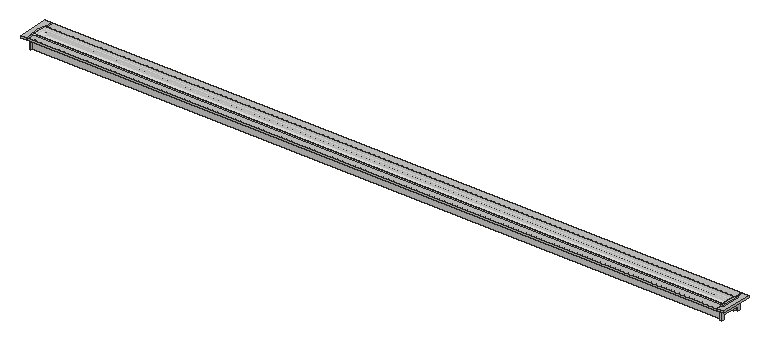
Revit family "Lighting-Luminii-Kendo_S_Recessed new", category Lighting Fixtures, host Face, Revit 2020
Family settings
  Host = Face
  Round Connector Dimension = Use Diameter
  Part Type = Normal
  OmniClass Number = 23.80.70.11.14.11
  OmniClass Title = Downlights
  Cut with Voids When Loaded = No
  Light Source = Yes
  Shared = Yes
  Room Calculation Point = No
Parameters (values of type "Kendo S Recessed")
  Width = 1 3/256"  # constant formula
  Wattage Comments = "6 W/ft"
  Wattage = 6 W
  Warranty URL = "https://www.luminii.com/terms-conditions/"
  built-in parameter 1150110 = 1 (stored number, unit not read)
  Voltage Comments = "120VAC - 277VAC"  # constant formula
  Voltage = 120 V
  Version = "2020 - v1.0a"  # constant formula
  URL = "https://www.luminii.com/"
  built-in parameter 1114217 = 1 (stored number, unit not read)
  Tilt Angle = -90.00°  # constant formula
  built-in parameter 1150109 = 1 (stored number, unit not read)
  built-in parameter 1150134 = (empty or 0)
  built-in parameter 1150113 = 1 (stored number, unit not read)
  Support Phone = "224-699-9545"  # constant formula
  Support Email = "mailto:support@bimsmith.com"
  Right Endcap [instance] = yes
  Product Page URL = "Consult Manufacturer Website for more Information"
  Power Source Type = "Driver"  # constant formula
  Power Factor = 1
  Photometric Web File = "KENDO S - CLEAR LENS - LL72-VHO-30K_IES.IES"
  Phase = 1
  Operating Temperature = "Consult Manufacturer Website for more Information"  # constant formula
  Number of Poles = if(and(or(Voltage = 120 V, Voltage = 277 V), Phase = 1), 1, if(and(or(Voltage = 208 V, Voltage = 240 V), Phase = 1), 2, if(and(or(Voltage = 208 V, Voltage = 240 V), Phase = 3), 3, if(and(Voltage > 300 V, Phase = 1), 2, if(and(Voltage > 400 V, Phase = 3), 3, 1)))))  # 1
  Mounting Method = "Mounting Options: Hard Surface Mounting Bracket, Gypsum Surface Mounting Bracket, No Bracket"  # constant formula
  Model = "KRS"  # constant formula
  Manufacturer Phone Number = "403-216-7043"  # constant formula
  Manufacturer Email = "mailto: info@sensolighting.com"
  Manufacturer Address = "302 50 Ave SE. Calgary, Alberta, T2G 2A9 Canada"  # constant formula
  Manufacturer = "Luminii"  # constant formula
  built-in parameter 1150105 = 36.765 (stored number, unit not read)
  Lumens = 462 lm
  Luminaire Type = "Linear Illumination System"  # constant formula
  built-in parameter 1150115 = 1 (stored number, unit not read)
  Load Classification = Lighting
  built-in parameter 1150137 = (empty or 0)
  built-in parameter 1150139 = (empty or 0)
  Lens Material = Plastic - Luminii - Frosted Lens
  Length [instance] = if(Desired Length < 12", 12", if(Desired Length > 144", 144", (round(Desired Length / 1")) * 1"))  # 24"
  Left Endcap [instance] = yes
  built-in parameter 1150112 = 1 (stored number, unit not read)
  built-in parameter 1150114 = 1 (stored number, unit not read)
  Lamp Life = 1
  Lamp = "LED"  # constant formula
  Keynote = "26 50 00"
  built-in parameter 1150132 = (empty or 0)
  built-in parameter 1150102 = (empty or 0)
  built-in parameter 1150107 = 3000 (stored number, unit not read)
  Initial Color Comments = "Perfomance based on 3000K Photometric Web File"  # constant formula
  built-in parameter 1150138 = (empty or 0)
  built-in parameter 1150106 = 0.36765 (stored number, unit not read)
  Housing Protection Rating = "Consult Manufacturer Website for more Information"  # constant formula
  Height = 113/256"  # constant formula
  Has Dimming = 1 = 1  # yes
  Has Battery Backup = 0 = 1  # no
  Frequency Comments = ""  # constant formula
  Frequency = 60 Hz
  Finish = Metal - Luminii - Silver Anodized Aluminum
  Environment = "Indoor"  # constant formula
  Emit from Line Length = 48"
  built-in parameter 1150104 = 7.1535 (stored number, unit not read)
  Dimming Type = "Consult Manufacturer Website for more Information"  # constant formula
  Dimming Lamp Color Temperature Shift = <None>
  Desired Length [instance] = 24"
  Description = "Linear Illumination System"  # constant formula
  Default Elevation = 0"  # constant formula
  Current Amps = 50 A
  Copyright = "©2024 Luminii"  # constant formula
  Control Zone = "Consult Manufacturer Website for more Information"  # constant formula
  Control Type = "Consult Manufacturer Website for more Information"  # constant formula
  Constraints = 1  # constant formula
  Color Filter = 16777215
  built-in parameter 1114216 [instance] = 0  # (empty or 0)
  built-in parameter 1140040 [instance] = 1 = 1  # 1
  CCT = "3000K"
  C Right End [instance] = if(Right Endcap, 61/256", 0")  # 61/256"
  C Left End [instance] = if(Left Endcap, 61/256", 0")  # 61/256"
  built-in parameter 1114218 = 1 (stored number, unit not read)
  built-in parameter 1150133 = 10 (stored number, unit not read)
  Assembly Code = "D5040.50"
  Apparent Load = Wattage / Power Factor  # 6 VA
Reference planes (in)
  plane 1 "Center (Front/Back)": y = 0
  plane 2: z = 0
  plane 3 "Center (Left/Right)": x = 0
  plane 4: x = 0
  plane 5: x = 0
  plane 6: y = 0.50586
  plane 7: y = -0.50586
  plane 8: x = -12
  plane 9: x = 12
  plane 10: z = -0.38041
  plane 11: z = 0.061
Forms (in)
  Extrusion 1, solid, material "Metal - Luminii - Silver Anodized Aluminum", not visible
    sketch origin (0, 0, -0.01563) x (1, 0, 0) y (0, 1, 0)
      loop
        circle (0, 0) r 0.03125
    from -0.36478 to -0.33299
  Extrusion 2, void
    sketch origin (0, 1.24288, 2.36) x (0, 1, 0) y (-1, 0, 0)
      loop
        line (-0.73703, 11.76172) -> (-1.74874, 11.76172) -> (-1.74874, -11.76172) -> (-0.73703, -11.76172) -> (-0.73703, 11.76172)
    from -2.74041 to -2.36
Dimensions and locks (in)
  equal spacing: plane 4, plane 3 "Center (Left/Right)", plane 5
  equal spacing: plane 6, plane 1 "Center (Front/Back)", plane 7
  plane 4 to plane 5 = 0"
  "Width": plane 6 to plane 7
  equal spacing: plane 8, plane 3 "Center (Left/Right)", plane 9
  "Length": plane 8 to plane 9
  plane 2 to Extrusion 1 = 0.34861"
  locked: plane 11 to plane 2 at 0.061
  "Height": plane 10 to plane 11
  locked: plane 10 to Extrusion 1 at 0.03179
  plane 1 "Center (Front/Back)" to imposter light = 0"
  "C Right End": Extrusion 2 sketch curve to plane 9
  "C Left End": plane 8 to Extrusion 2 sketch curve
  aligned and locked: plane 2 to host face
  aligned and locked: plane 3 "Center (Left/Right)" to Extrusion 1 sketch curve
  aligned and locked: imposter light to plane 3 "Center (Left/Right)"
  aligned and locked: plane 1 "Center (Front/Back)" to Extrusion 1 sketch curve
  aligned and locked: plane 10 to Extrusion 1
  aligned and locked: plane 10 to Extrusion 2
  aligned and locked: plane 2 to Extrusion 2
  aligned and locked: Extrusion 2 sketch curve to plane 6
  aligned and locked: plane 7 to Extrusion 2 sketch curve
  aligned and locked: imposter light to plane 11
  aligned and locked: plane 1 "Center (Front/Back)" to imposter light
Automatic sketch dimensions
  host sketch curve to host sketch curve = 96"  (x2)
  radius of Extrusion 1 sketch curve = 1/32"
Nested families (in)
  nested 1: "Nested Lamp" at (0, 0, 0), type "Nested Lamp"
Connectors (in)
  electrical at (0, 0, -0.38041), driven by "Number of Poles", driven by "Load Classification", driven by "Voltage", driven by "Apparent Load", driven by "Power Factor"
    settings: on Extrusion 1, index 1, voltage 120 V, apparent load 6 VA, apparent load phase1 0 VA, apparent load phase2 0 VA, apparent load phase3 0 VA, power factor 1, load classification "Lighting", number of poles 1, system type 30, power factor state 1, is connector primary yes, connector utility no, sub classification motor no, connector description "Power Connection"
Definition of nested family "Nested Lamp"
  Parameters (values of type "Nested Lamp")
    Right Cap = yes
    Lens = none
    Length = 24"
    Left Cap = yes
    Finish = none
    Default Elevation = 48"
    C Right Endcap = if(Right Cap, 61/256", 0")  # 61/256"
    C Left Endcap = if(Left Cap, 61/256", 0")  # 61/256"
  Reference planes (in)
    plane 1 "Center (Front/Back)": y = 0
    plane 2: z = 0
    plane 3 "Center (Left/Right)": x = 0
    plane 4: x = -11.76172
    plane 5: x = 11.76172
    plane 6: x = 12
    plane 7: x = -12
  Forms (in)
    Extrusion 1, solid
      sketch origin (0, 0, 0) x (1, 0, 0) y (0, 1, 0)
        loop
          line (-48, 48) -> (-48, -48) -> (48, -48) -> (48, 48) -> (-48, 48)
      from 0 to -12
    Sweep 2, solid, material <- "Finish", detail levels coarse
      path origin (0, 0, 0) x (1, 0, 0) y (0, 1, 0)
        loop
          line (-11.76172, 0) -> (11.76172, 0)
      profile origin (0, 0, 0) x (0, 1, 0) y (0, 0, 1)
        loop
          line (0.53152, 0.06) -> (0.29502, 0.06) -> (0.29502, -0.17915) -> (-0.29498, -0.17915) -> (-0.29498, 0.06) -> (-0.53148, 0.06) -> (-0.53148, 0) -> (-0.34348, 0) -> (-0.34348, -0.355) -> (0.34352, -0.355) -> (0.34352, 0) -> (0.53152, 0) -> (0.53152, 0.06)
    Sweep 3, solid, material <- "Lens", detail levels medium+fine
      path origin (0, 0, 0) x (1, 0, 0) y (0, 1, 0)
        loop
          line (-11.76172, 0) -> (11.76172, 0)
      profile origin (0, 0, 0) x (0, 1, 0) y (0, 0, 1)
        loop
          arc (0.24149, 0.06867) -> (0.00019, 0.0827) -> (-0.24111, 0.06875) r 2.08809
          arc (-0.24111, 0.06875) -> (-0.2708, 0.05027) -> (-0.28239, 0.01728) r 0.05274
          line (-0.28239, 0.01728) -> (-0.25121, 0.02055)
          arc (-0.25121, 0.02055) -> (-0.22809, 0.01073) -> (-0.22416, -0.01408) r 0.02591
          line (-0.22416, -0.01408) -> (-0.25702, -0.08455)
          arc (-0.25702, -0.08455) -> (-0.2488, -0.10714) -> (-0.2262, -0.09892) r 0.017
          line (-0.2262, -0.09892) -> (-0.19063, -0.02264)
          arc (-0.19063, -0.02264) -> (-0.18702, 0.00816) -> (-0.20249, 0.03505) r 0.04937
          arc (-0.20249, 0.03505) -> (0.00003, 0.04355) -> (0.20255, 0.03507) r 2.41865
          arc (0.20255, 0.03507) -> (0.18705, 0.00818) -> (0.19066, -0.02264) r 0.04937
          line (0.19066, -0.02264) -> (0.22623, -0.09892)
          arc (0.22623, -0.09892) -> (0.24883, -0.10714) -> (0.25705, -0.08455) r 0.017
          line (0.25705, -0.08455) -> (0.22419, -0.01408)
          arc (0.22419, -0.01408) -> (0.22812, 0.01073) -> (0.25124, 0.02055) r 0.02591
          line (0.25124, 0.02055) -> (0.28239, 0.01728)
          arc (0.28239, 0.01728) -> (0.27092, 0.05012) -> (0.24149, 0.06867) r 0.05274
    Sweep 4, solid, material <- "Finish", detail levels medium+fine
      path origin (0, 0, 0) x (1, 0, 0) y (0, 1, 0)
        loop
          line (-11.76172, 0) -> (11.76172, 0)
      profile origin (0, 0, 0) x (0, 1, 0) y (0, 0, 1)
        loop
          line (0.34352, 0) -> (0.53152, 0) -> (0.53152, 0.06) -> (0.29502, 0.06) -> (0.29502, 0.00273) -> (0.26423, 0.01708)
          arc (0.26423, 0.01708) -> (0.24143, 0.01306) -> (0.23741, -0.00973) r 0.02018
          arc (0.23741, -0.00973) -> (0.24919, -0.06287) -> (0.25252, -0.11531) r 0.34741
          line (0.25252, -0.11531) -> (0.28377, -0.11531) -> (0.28377, -0.17915) -> (-0.28377, -0.17915) -> (-0.28377, -0.11531) -> (-0.25252, -0.1172)
          arc (-0.25252, -0.1172) -> (-0.24919, -0.06287) -> (-0.23741, -0.00973) r 0.34741
          arc (-0.23741, -0.00973) -> (-0.24143, 0.01306) -> (-0.26423, 0.01708) r 0.02018
          line (-0.26423, 0.01708) -> (-0.29502, 0.00273) -> (-0.29502, 0.06) -> (-0.53148, 0.06) -> (-0.53148, 0) -> (-0.34348, 0) -> (-0.34348, -0.355) -> (-0.22348, -0.355) -> (-0.22348, -0.295) -> (-0.28348, -0.295) -> (-0.28348, -0.235) -> (0.28352, -0.235) -> (0.28352, -0.295) -> (0.22352, -0.295) -> (0.22352, -0.355) -> (0.34352, -0.355) -> (0.34352, 0)
    Sweep 5, solid, material <- "Lens", detail levels coarse
      path origin (0, 0, 0) x (1, 0, 0) y (0, 1, 0)
        loop
          line (-11.76172, 0) -> (11.76172, 0)
      profile origin (0, 0, 0) x (0, 1, 0) y (0, 0, 1)
        loop
          line (0.29502, -0.17915) -> (0.29502, 0.06) -> (-0.29498, 0.06) -> (-0.29498, -0.17915) -> (0.29502, -0.17915)
    Sweep 6, solid, material <- "Finish", visible <- "Right Cap"
      path origin (0, 0, 0) x (1, 0, 0) y (0, 1, 0)
        loop
          line (11.76172, 0) -> (11.82172, 0)
      profile origin (11.79172, 0, 0) x (0, 1, 0) y (0, 0, 1)
        loop
          line (0.37145, 0) -> (0.32043, 0) -> (0.32043, 0.06)
          arc (0.32043, 0.06) -> (0, 0.0827) -> (-0.32043, 0.06) r 2.27308
          line (-0.32043, 0.06) -> (-0.32043, 0) -> (-0.37145, 0) -> (-0.37145, -0.355) -> (-0.30054, -0.355) -> (-0.28942, -0.2279) -> (0.28942, -0.2279) -> (0.30054, -0.355) -> (0.37145, -0.355) -> (0.37145, 0)
    Sweep 7, solid, material <- "Finish", visible <- "Left Cap"
      path origin (0, 0, 0) x (-1, 0, 0) y (0, 1, 0)
        loop
          line (11.76172, 0) -> (11.8125, 0)
      profile origin (-11.78711, 0, 0) x (0, -1, 0) y (0, 0, 1)
        loop
          line (-0.37145, 0) -> (-0.37145, -0.355) -> (-0.30054, -0.355) -> (-0.28942, -0.2279) -> (0.28942, -0.2279) -> (0.30054, -0.355) -> (0.37145, -0.355) -> (0.37145, 0) -> (0.32043, 0) -> (0.32043, 0.06)
          arc (0.32043, 0.06) -> (0, 0.0827) -> (-0.32043, 0.06) r 2.27308
          line (-0.32043, 0.06) -> (-0.32043, 0) -> (-0.37145, 0)
    Extrusion 8, solid, material <- "Finish", visible <- "Right Cap"
      sketch origin (0, 0, 0) x (1, 0, 0) y (0, 1, 0)
        loop
          line (11.76172, 0.53152) -> (11.76172, -0.53148) -> (12, -0.53148) -> (12, 0.53152) -> (11.76172, 0.53152)
      from 0 to 0.06
    Extrusion 9, solid, material <- "Finish", visible <- "Left Cap"
      sketch origin (0, 0, 0) x (-1, 0, 0) y (0, -1, 0)
        loop
          line (11.76172, -0.53152) -> (12, -0.53152) -> (12, 0.53148) -> (11.76172, 0.53148) -> (11.76172, -0.53152)
      from 0 to 0.06
  Dimensions and locks (in)
    "Length": plane 7 to plane 6
    "C Left Endcap": plane 7 to plane 4
    "C Right Endcap": plane 5 to plane 6
    equal spacing: plane 7, plane 3 "Center (Left/Right)", plane 6
    Sweep 6 sketch curve to Sweep 6 sketch curve to plane 6 = 0.06" locked, 0.17828" locked
    Sweep 7 sketch curve to plane 4 to Sweep 7 sketch curve = 13/256" locked, 0" locked
    locked: Extrusion 8 sketch curve to plane 6 at 0.23828
    Extrusion 8 to plane 2 = 0.06"
    locked: plane 7 to Extrusion 9 sketch curve at 0.23828
    Extrusion 9 to plane 2 = 0.06"
    aligned and locked: plane 2 to Extrusion 1
    aligned and locked: level to Extrusion 1
    aligned and locked: plane 4 to Sweep 2 sketch curve
    aligned and locked: plane 1 "Center (Front/Back)" to Sweep 2 sketch curve
    aligned and locked: plane 5 to Sweep 2 sketch curve
    aligned and locked: plane 5 to Sweep 3 sketch curve
    aligned and locked: plane 4 to Sweep 3 sketch curve
    aligned and locked: plane 1 "Center (Front/Back)" to Sweep 3 sketch curve
    aligned and locked: plane 1 "Center (Front/Back)" to Sweep 6 sketch curve
    aligned and locked: Sweep 7 sketch curve to plane 1 "Center (Front/Back)"
    aligned and locked: Extrusion 8 sketch curve to plane 6
    aligned and locked: Extrusion 8 to plane 2
    aligned and locked: plane 7 to Extrusion 9 sketch curve
    aligned and locked: Extrusion 9 to plane 2
    aligned and locked: plane 7 to Extrusion 9
  Automatic sketch dimensions
    Extrusion 1 sketch curve to Extrusion 1 sketch curve = 96"  (x2)
    plane 1 "Center (Front/Back)" to Sweep 4 sketch curve = 0"
    Sweep 4 sketch curve to plane 4 = 0"
    Sweep 4 sketch curve to plane 5 = 0"
    plane 1 "Center (Front/Back)" to Sweep 5 sketch curve = 0"
    Sweep 5 sketch curve to plane 4 = 0"
    Sweep 5 sketch curve to plane 5 = 0"
    level to Sweep 5 sketch curve = 0.06"
    profile plane to Sweep 5 sketch curve = 0.29498"  (x2)
    Sweep 5 sketch curve to profile plane = 0.29502"  (x2)
    Sweep 5 sketch curve to level = 0.17915"
    plane 1 "Center (Front/Back)" to Extrusion 8 sketch curve = 0.53148"
    Extrusion 8 sketch curve to plane 1 "Center (Front/Back)" = 0.53152"
    Extrusion 9 sketch curve to plane 1 "Center (Front/Back)" = 0.53148"
    plane 1 "Center (Front/Back)" to Extrusion 9 sketch curve = 0.53152"
    Sweep 2 sketch curve to level = 0"  (x2)
    level to Sweep 2 sketch curve = 0.06"  (x2)
    profile plane to Sweep 2 sketch curve = 0.53148"
    Sweep 2 sketch curve to Sweep 2 sketch curve = 0.188"  (x2)
    Sweep 2 sketch curve to Sweep 2 sketch curve = 0.0485"  (x2)
    Sweep 2 sketch curve to level = 0.17915"
    Sweep 2 sketch curve to profile plane = 0.29502"
    Sweep 2 sketch curve to Sweep 2 sketch curve = 0.17585"
    profile plane to Sweep 3 sketch curve = 0.28239"
    Sweep 3 sketch curve to level = 0.08455"  (x2)
    level to Sweep 3 sketch curve = 0.02055"  (x2)
    Sweep 3 sketch curve to level = 0.00522"  (x2)
    Sweep 3 sketch curve to Sweep 3 sketch curve = 0.00271"
    Sweep 3 sketch curve to Sweep 3 sketch curve = 0.01541"  (x4)
    Sweep 3 sketch curve to level = 0.00178"  (x2)
    Sweep 3 sketch curve to Sweep 3 sketch curve = 0.01312"  (x2)
    Sweep 3 sketch curve to level = 0.09892"  (x2)
    Sweep 3 sketch curve to level = 0.01408"  (x2)
    Sweep 3 sketch curve to level = 0.02264"  (x2)
    Sweep 3 sketch curve to Sweep 3 sketch curve = 0.03352"  (x2)
    profile plane to Sweep 3 sketch curve = 0.00018"
    Sweep 3 sketch curve to profile plane = 0.00019"
    Sweep 3 sketch curve to profile plane = 0.19066"
    Sweep 3 sketch curve to Sweep 3 sketch curve = 0.03557"
    Sweep 3 sketch curve to Sweep 3 sketch curve = 0.00547"
    Sweep 3 sketch curve to Sweep 3 sketch curve = 0.01123"
    level to Sweep 3 sketch curve = 0.01728"  (x2)
    Sweep 3 sketch curve to Sweep 3 sketch curve = 0.03115"
    Sweep 3 sketch curve to Sweep 3 sketch curve = 0.36971"
    Sweep 3 sketch curve to Sweep 3 sketch curve = 0.02717"
    Sweep 3 sketch curve to Sweep 3 sketch curve = 0.00976"
    Sweep 3 sketch curve to Sweep 3 sketch curve = 0.02537"
    Sweep 3 sketch curve to Sweep 3 sketch curve = 0.03118"
    Sweep 3 sketch curve to Sweep 3 sketch curve = 0.00573"
    Sweep 3 sketch curve to Sweep 3 sketch curve = 1.90647"
    Sweep 4 sketch curve to level = 0"  (x2)
    profile plane to Sweep 4 sketch curve = 0.53148"
    Sweep 4 sketch curve to Sweep 4 sketch curve = 0.188"  (x2)
    level to Sweep 4 sketch curve = 0.00273"  (x2)
    Sweep 4 sketch curve to Sweep 4 sketch curve = 0.04847"
    Sweep 4 sketch curve to Sweep 4 sketch curve = 0.05972"
    Sweep 4 sketch curve to Sweep 4 sketch curve = 0.00028"
    level to Sweep 4 sketch curve = 0.01708"  (x2)
    Sweep 4 sketch curve to Sweep 4 sketch curve = 0.03079"  (x2)
    Sweep 4 sketch curve to level = 0.0012"  (x2)
    Sweep 4 sketch curve to Sweep 4 sketch curve = 0.00853"  (x2)
    Sweep 4 sketch curve to Sweep 4 sketch curve = 1/32"  (x2)
    Sweep 4 sketch curve to Sweep 4 sketch curve = 0.06"  (x7)
    profile plane to Sweep 4 sketch curve = 0.09485"
    Sweep 4 sketch curve to profile plane = 0.09485"
    Sweep 4 sketch curve to profile plane = 0.22352"
    Sweep 4 sketch curve to level = 0.11122"  (x2)
    Sweep 4 sketch curve to Sweep 4 sketch curve = 0.05585"
    Sweep 4 sketch curve to Sweep 4 sketch curve = 0.04292"  (x2)
    Sweep 4 sketch curve to Sweep 4 sketch curve = 0.06384"  (x2)
    Sweep 4 sketch curve to Sweep 4 sketch curve = 0.08782"
    Sweep 4 sketch curve to Sweep 4 sketch curve = 0.00025"
    Sweep 4 sketch curve to level = 0.11531"
    Sweep 4 sketch curve to Sweep 4 sketch curve = 0"  (x2)
    Sweep 4 sketch curve to level = 0.00973"  (x2)
    Sweep 6 sketch curve to level = 0"  (x2)
    Sweep 6 sketch curve to profile plane = 0"
    profile plane to Sweep 6 sketch curve = 0.28942"
    Sweep 6 sketch curve to Sweep 6 sketch curve = 0.03101"  (x2)
    Sweep 6 sketch curve to Sweep 6 sketch curve = 0.05102"
    Sweep 6 sketch curve to profile plane = 0.28942"
    Sweep 6 sketch curve to Sweep 6 sketch curve = 21/256"
    Sweep 6 sketch curve to level = 0.2279"
    Sweep 6 sketch curve to Sweep 6 sketch curve = 0.1271"
    Sweep 6 sketch curve to Sweep 6 sketch curve = 1.83538"  (x2)
    level to Sweep 6 sketch curve = 0.06"
    Sweep 6 sketch curve to Sweep 6 sketch curve = 0.60108"
    Sweep 6 sketch curve to Sweep 6 sketch curve = 0.07091"
    Sweep 6 sketch curve to Sweep 6 sketch curve = 0"
    Sweep 7 sketch curve to level = 0"  (x2)
    Sweep 7 sketch curve to profile plane = 0"
    profile plane to Sweep 7 sketch curve = 0.28942"
    Sweep 7 sketch curve to Sweep 7 sketch curve = 0.03101"  (x2)
    Sweep 7 sketch curve to Sweep 7 sketch curve = 0.05102"
    Sweep 7 sketch curve to profile plane = 0.28942"
    Sweep 7 sketch curve to Sweep 7 sketch curve = 21/256"
    Sweep 7 sketch curve to level = 0.2279"
    Sweep 7 sketch curve to Sweep 7 sketch curve = 0.1271"
    Sweep 7 sketch curve to Sweep 7 sketch curve = 1.83538"  (x2)
    level to Sweep 7 sketch curve = 0.06"
    Sweep 7 sketch curve to Sweep 7 sketch curve = 0.07091"
    Sweep 7 sketch curve to Sweep 7 sketch curve = 0.60108"
    Sweep 7 sketch curve to Sweep 7 sketch curve = 0"
